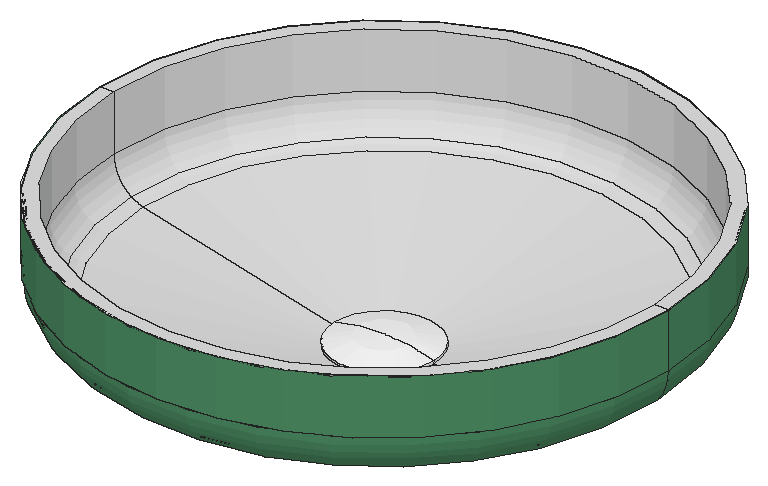
Revit family "Reece_Basin_Omvivo_Venice_Above Counter Basin_450 mm", category Plumbing Fixtures, host Face, Revit 2018
Family settings
  Host = Face
  Round Connector Dimension = Use Diameter
  Part Type = Normal
  Cut with Voids When Loaded = No
  Shared = Yes
  Room Calculation Point = Yes
Parameters (values of type "Softskin Emerald Green")
  WFU = 0  # constant formula
  URL = "https://www.reece.com.au/product/-1862131"
  Type Comments = "Basin"
  Reece_Product_Web Page = "https://www.reece.com.au/product/-1862131"
  Reece_Product_Type = "Basin"  # constant formula
  Reece_Product_Sub Brand = "Venice"  # constant formula
  Reece_Product_Number = "1862131"
  Reece_Product_Mount = "Above Counter"
  Reece_Product_Description = "Omvivo Venice 450 Counter Basin Solid Surface Softskin Emerald Green"
  Reece_Product_Brand = "Omvivo"  # constant formula
  Reece_Overall_Width = 450 mm  # constant formula
  Reece_Overall_Length = 450 mm  # constant formula
  Reece_Overall_Height = 130 mm  # constant formula
  Reece_Overall_Capacity = 10.00 L  # constant formula
  Reece_Material_Secondary = Reece_Brass_Chrome
  Reece_Material_Colour = Reece_Cast_Solid_Surface_Softskin Emerald Green
  Reece_Material_Main = Reece_Cast_Solid_Surface_White
  Reece_Detail_Installation = "Above Counter Basin"  # constant formula
  Reece_Detail_Disclaimer = "THIS FILE IS THE PROPERTY OF THE REECE GROUP. IT MAY NOT BE REPRODUCED, REVERSE-ENGINEERED OR MODIFIED. ANY REPUBLICATION, TRANSMISSION OR DISTRIBUTION FOR THE PURPOSE OF COMMERCIALLY EXPLOITING THE FILES IS PROHIBITED."  # constant formula
  Reece_Detail_Connector = "No Taphole"  # constant formula
  Reece_Detail_Additional = "No Overflow"  # constant formula
  Reece_Basin_Outlet = 40 mm  # constant formula
  Model = "Venice"
  Manufacturer = "Omvivo"
  Keynote = "Product #1862131, Reece_Basin_Omvivo_Venice_Above Counter Basin_450 mm - Softskin Emerald Green"
  HWFU = 0  # constant formula
  Disclaimer = "THIS FILE IS THE PROPERTY OF THE REECE GROUP. IT MAY NOT BE REPRODUCED, REVERSE-ENGINEERED OR MODIFIED. ANY REPUBLICATION, TRANSMISSION OR DISTRIBUTION FOR THE PURPOSE OF COMMERCIALLY EXPLOITING THE FILES IS PROHIBITED."  # constant formula
  Description = "Venice 450 Counter Basin Solid Surface Softskin Emerald Green"
  Default Elevation = 1000 mm
  CWFU = 0  # constant formula
Types (6, lengths in mm): name | URL | Reece_Product_Web Page | Reece_Product_Number | Reece_Product_Description | Reece_Material_Colour | Keynote | Description
  White | "https://www.reece.com.au/product/-1862001" | "https://www.reece.com.au/product/-1862001" | "1862001" | "Omvivo Venice 450 Counter Basin Solid Surface White" | Reece_Cast_Solid_Surface_White | "Product #1862001, Reece_Basin_Omvivo_Venice_Above Counter Basin_450 mm - White" | "Venice 450 Counter Basin Solid Surface White"
  Softskin Black | "https://www.reece.com.au/product/-1862134" | "https://www.reece.com.au/product/-1862134" | "1862134" | "Omvivo Venice 450 Counter Basin Solid Surface Softskin Black" | Reece_Cast_Solid_Surface_Softskin Black | "Product #1862134, Reece_Basin_Omvivo_Venice_Above Counter Basin_450 mm - Softskin Black" | "Venice 450 Counter Basin Solid Surface Softskin Black"
  Softskin Blush | "https://www.reece.com.au/product/-1862130" | "https://www.reece.com.au/product/-1862130" | "1862130" | "Omvivo Venice 450 Counter Basin Solid Surface Softskin Blush" | Reece_Cast_Solid_Surface_Softskin Blush | "Product #1862130, Reece_Basin_Omvivo_Venice_Above Counter Basin_450 mm - Softskin Blush" | "Venice 450 Counter Basin Solid Surface Softskin Blush"
  Softskin Charcoal | "https://www.reece.com.au/product/-1862133" | "https://www.reece.com.au/product/-1862133" | "1862133" | "Omvivo Venice 450 Counter Basin Solid Surface Softskin Charcoal" | Reece_Cast_Solid_Surface_Softskin Charcoal | "Product #1862133, Reece_Basin_Omvivo_Venice_Above Counter Basin_450 mm - Softskin Charcoal" | "Venice 450 Counter Basin Solid Surface  Softskin Charcoal"
  Softskin Emerald Green | "https://www.reece.com.au/product/-1862131" | "https://www.reece.com.au/product/-1862131" | "1862131" | "Omvivo Venice 450 Counter Basin Solid Surface Softskin Emerald Green" | Reece_Cast_Solid_Surface_Softskin Emerald Green | "Product #1862131, Reece_Basin_Omvivo_Venice_Above Counter Basin_450 mm - Softskin Emerald Green" | "Venice 450 Counter Basin Solid Surface Softskin Emerald Green"
  Softskin Gentian Blue | "https://www.reece.com.au/product/-1862132" | "https://www.reece.com.au/product/-1862132" | "1862132" | "Omvivo Venice 450 Counter Basin Solid Surface Softskin Gentian Blue" | Reece_Cast_Solid_Surface_Softskin Gentian Blue | "Product #1862132, Reece_Basin_Omvivo_Venice_Above Counter Basin_450 mm - Softskin Gentian Blue" | "Venice 450 Counter Basin Solid Surface Softskin Gentian Blue"
Reference planes
  plane 1 "Center (Front/Back)": y = -79.125
  plane 2 "Bottom": z = 0
  plane 3 "Center (Left/Right)": x = 0
  plane 4: y = 145.875
  plane 5: x = 225
  plane 6: x = -225
  plane 7: y = -304.125
  plane 8: z = 87
  plane 9: x = -80
  plane 10: x = 80
  plane 11: z = 130
Forms (mm)
  Revolve 1, solid, material "Reece_Cast_Solid_Surface_White" <- "Reece_Material_Main"
    sketch origin (0, -79.125, 0) x (1, 0, 0) y (0, 0, 1)
      loop
        line (-23.147, 0) -> (-23.147, 9.194)
        arc (-23.147, 9.194) -> (-26.94, 19.831) -> (-36.609, 25.665) r 16.806
        line (-36.609, 25.665) -> (-190.659, 56.937)
        arc (-190.659, 56.937) -> (-195.683, 58.459) -> (-200.335, 60.892) r 28
        arc (-200.335, 60.892) -> (-210.363, 71.738) -> (-214, 86.055) r 30
        line (-214, 86.055) -> (-214, 130) -> (-225, 130)
        arc (-225, 130) -> (-223.528, 128.223) -> (-223, 125.977) r 5.046
        line (-223, 125.977) -> (-223, 86.73)
        arc (-223, 86.73) -> (-216.527, 67.1) -> (-199.648, 55.172) r 33
        line (-199.648, 55.172) -> (-90.03, 21.658)
        arc (-90.03, 21.658) -> (-81.334, 15.513) -> (-78, 5.401) r 17
        line (-78, 5.401) -> (-78, 0) -> (-74, 0) -> (-74, 5) -> (-29.177, 5) -> (-29.177, 0) -> (-23.147, 0)
      axis (0, 0) -> (0, 130)
    angle from 0 to 360
  Revolve 2, solid, material "Reece_Brass_Chrome" <- "Reece_Material_Secondary"
    sketch origin (0, -79.125, 30.063) x (1, 0, 0) y (0, 0, 1)
      loop
        line (0, -3.502) -> (0, 4.096)
        arc (0, 4.096) -> (-19.757, 2.931) -> (-39.04, -1.525) r 117.809
        line (-39.04, -1.525) -> (-39.04, -3.502) -> (-27.81, -3.502) -> (-26.1, -8.2) -> (-21.1, -8.2) -> (-21.1, -3.502) -> (0, -3.502)
      axis (0, 4.096) -> (0, -8.2)
    angle from 0 to 360
  Revolve 3, solid
    sketch origin (0, -79.125, 0) x (1, 0, 0) y (0, 0, 1)
      loop
        line (-20, 25) -> (-35.773, 25)
        arc (-35.773, 25) -> (-26.195, 19.277) -> (-22.43, 8.773) r 16.539
        line (-22.43, 8.773) -> (-22.43, -1.227) -> (-29.962, -1.227) -> (-29.962, -4.227) -> (-27.462, -4.227) -> (-27.462, -29.227) -> (-25.299, -31.391) -> (-25.299, -39.592) -> (-20, -39.592) -> (-20, 25)
      axis (0, 25) -> (0, -39.592)
    angle from 0 to 360
  Revolve 4, solid, material "Reece_Cast_Solid_Surface_Softskin Emerald Green" <- "Reece_Material_Colour"
    sketch origin (0, -79.125, 0) x (1, 0, 0) y (0, 0, 1)
      loop
        arc (-223, 125.977) -> (-223.528, 128.223) -> (-225, 130) r 5.046
        line (-225, 130) -> (-225, 86.73)
        arc (-225, 86.73) -> (-218.135, 65.911) -> (-200.233, 53.259) r 35
        line (-200.233, 53.259) -> (-90.614, 19.745)
        arc (-90.614, 19.745) -> (-82.942, 14.323) -> (-80, 5.401) r 15
        line (-80, 5.401) -> (-80, 0) -> (-78, 0) -> (-78, 5.401)
        arc (-78, 5.401) -> (-81.334, 15.513) -> (-90.03, 21.658) r 17
        line (-90.03, 21.658) -> (-199.648, 55.172)
        arc (-199.648, 55.172) -> (-216.527, 67.1) -> (-223, 86.73) r 33
        line (-223, 86.73) -> (-223, 125.977)
      axis (0, 0) -> (0, 130)
    angle from 0 to 360
  Extrusion 5, void
    sketch origin (0, 0, 0) x (1, 0, 0) y (0, 1, 0)
      loop
        circle (0, -79.125) r 50
    from -39.592 to 44.261
Text (mm)
  text "Reece Copyright © 2018, Reece Ltd." at (-902.343, -740.328, 0), in view "Ref. Level"
  text "Reece ©" at (44.384, 258.95, 192.345), in view "Reece Preview"
Dimensions and locks
  equal spacing: plane 6, plane 3 "Center (Left/Right)", plane 5
  "Reece_Overall_Width": plane 6 to plane 5
  "Reece_Overall_Length": plane 4 to plane 7
  equal spacing: plane 4, plane 1 "Center (Front/Back)", plane 7
  plane 10 to plane 9 = 160 mm
  "Reece_Overall_Height": plane 11 to host face
  "Reece_Overall_Width": plane 6 to Revolve 4
  "Reece_Overall_Length": plane 4 to plane 11
  "Reece_Overall_Height": plane 11 to Revolve 4
  plane 6 to plane 3 "Center (Left/Right)" to plane 5 = 225 mm, 225 mm
  aligned and locked: plane 2 "Bottom" to host face
  aligned and locked: level to host face
Automatic sketch dimensions
  host sketch curve to host sketch curve = 575.462 mm
  host sketch curve to host sketch curve = 598.023 mm
  Revolve 2 sketch curve to plane 3 "Center (Left/Right)" = 0 mm  (x2)
  Revolve 2 sketch curve to plane 3 "Center (Left/Right)" = 2.966 mm
  Revolve 2 sketch curve to Revolve 2 sketch curve = 21.1 mm
  Revolve 2 sketch curve to Revolve 2 sketch curve = 5 mm
  Revolve 2 sketch curve to Revolve 2 sketch curve = 1.71 mm
  Revolve 2 sketch curve to Revolve 2 sketch curve = 11.23 mm
  Revolve 2 sketch curve to level = 83.612 mm
  level to Revolve 2 sketch curve = 21.862 mm
  Revolve 2 sketch curve to Revolve 2 sketch curve = 4.698 mm  (x2)
  Revolve 2 sketch curve to Revolve 2 sketch curve = 0.313 mm
  Revolve 2 sketch curve to Revolve 2 sketch curve = 1.977 mm
  Revolve 2 sketch curve to Revolve 2 sketch curve = 0 mm
  Revolve 3 sketch curve to plane 3 "Center (Left/Right)" = 0 mm
  Revolve 3 sketch curve to plane 3 "Center (Left/Right)" = 20 mm
  Revolve 3 sketch curve to level = 1.227 mm
  Revolve 3 sketch curve to Revolve 3 sketch curve = 5.299 mm
  Revolve 3 sketch curve to Revolve 3 sketch curve = 2.163 mm  (x2)
  Revolve 3 sketch curve to Revolve 3 sketch curve = 2.5 mm
  Revolve 3 sketch curve to Revolve 3 sketch curve = 9.007 mm
  Revolve 3 sketch curve to Revolve 3 sketch curve = 3 mm
  Revolve 3 sketch curve to Revolve 3 sketch curve = 25 mm
  Revolve 3 sketch curve to Revolve 3 sketch curve = 8.201 mm
  level to Revolve 3 sketch curve = 8.773 mm
  Revolve 3 sketch curve to Revolve 3 sketch curve = 16.227 mm
  Revolve 3 sketch curve to Revolve 3 sketch curve = 15.773 mm
  Revolve 3 sketch curve to Revolve 3 sketch curve = 5.403 mm
  Revolve 3 sketch curve to Revolve 3 sketch curve = 1.561 mm
  plane 6 to Revolve 1 sketch curve = 0 mm
  Revolve 1 sketch curve to plane 11 = 0 mm
  Revolve 1 sketch curve to level = 0 mm  (x3)
  Revolve 1 sketch curve to plane 3 "Center (Left/Right)" = 0 mm
  plane 6 to Revolve 1 sketch curve = 3.046 mm
  plane 8 to Revolve 1 sketch curve = 0.27 mm
  Revolve 1 sketch curve to plane 6 = 2 mm
  Revolve 1 sketch curve to plane 6 = 11 mm
  Revolve 1 sketch curve to plane 6 = 25.352 mm
  Revolve 1 sketch curve to Revolve 1 sketch curve = 8.989 mm
  plane 8 to Revolve 1 sketch curve = 2.622 mm
  Revolve 1 sketch curve to Revolve 1 sketch curve = 5.57 mm
  plane 8 to Revolve 1 sketch curve = 0.945 mm
  Revolve 1 sketch curve to Revolve 1 sketch curve = 1.089 mm
  Revolve 1 sketch curve to Revolve 1 sketch curve = 6 mm
  Revolve 1 sketch curve to plane 9 = 15 mm
  Revolve 1 sketch curve to plane 9 = 10.03 mm
  plane 9 to Revolve 1 sketch curve = 2 mm
  Revolve 1 sketch curve to Revolve 1 sketch curve = 4 mm
  level to Revolve 1 sketch curve = 9.194 mm
  Revolve 1 sketch curve to Revolve 1 sketch curve = 34.047 mm
  Revolve 1 sketch curve to Revolve 1 sketch curve = 3.344 mm
  level to Revolve 1 sketch curve = 5 mm
  Revolve 1 sketch curve to Revolve 1 sketch curve = 10.775 mm
  Revolve 1 sketch curve to Revolve 1 sketch curve = 6.031 mm
  Revolve 1 sketch curve to Revolve 1 sketch curve = 0.401 mm
  Revolve 1 sketch curve to Revolve 1 sketch curve = 1.766 mm
  Revolve 1 sketch curve to plane 11 = 5 mm
  Revolve 4 sketch curve to Revolve 4 sketch curve = 0 mm  (x4)
  plane 6 to Revolve 4 sketch curve = 0 mm
  Revolve 4 sketch curve to plane 9 = 0 mm
  Revolve 4 sketch curve to level = 0 mm
  Revolve 4 sketch curve to plane 3 "Center (Left/Right)" = 0 mm
  Revolve 4 sketch curve to plane 11 = 0 mm
  plane 6 to Revolve 4 sketch curve = 3.046 mm
  Revolve 4 sketch curve to Revolve 4 sketch curve = 2 mm  (x2)
  Revolve 4 sketch curve to plane 6 = 24.767 mm
  Revolve 4 sketch curve to Revolve 4 sketch curve = 0.585 mm  (x2)
  Revolve 4 sketch curve to Revolve 4 sketch curve = 9.648 mm
  level to Revolve 4 sketch curve = 5.401 mm
  Revolve 4 sketch curve to plane 9 = 15 mm
  Revolve 4 sketch curve to plane 9 = 10.614 mm
  level to Revolve 4 sketch curve = 53.259 mm
  Revolve 4 sketch curve to level = 15 mm
  Revolve 4 sketch curve to plane 11 = 50 mm
  plane 1 "Center (Front/Back)" to Extrusion 5 sketch curve = 0 mm
  Extrusion 5 sketch curve to plane 3 "Center (Left/Right)" = 0 mm
  radius of Extrusion 5 sketch curve = 50 mm
Connectors
  piping at (0, -79.125, -39.592), diameter 40, driven by "Reece_Basin_Outlet"
    settings: on Revolve 3, index 1, connector inside diameter 609.6 mm, connector length 0 mm, flow factor 0, pipe flow 0.0 L/s, pressure drop 0.0 Pa, fitting loss kfactor 0, connector angle 0.00°, fixture units 0, engagement length 0 mm, angle of deflection 0.00°, flow configuration 0, flow direction 2, fitting loss method 0, system type 16, joint type 0, gender type 0, connector reference index -1, connector utility 0, adjustable connector no, is connector primary yes, connector description ""
